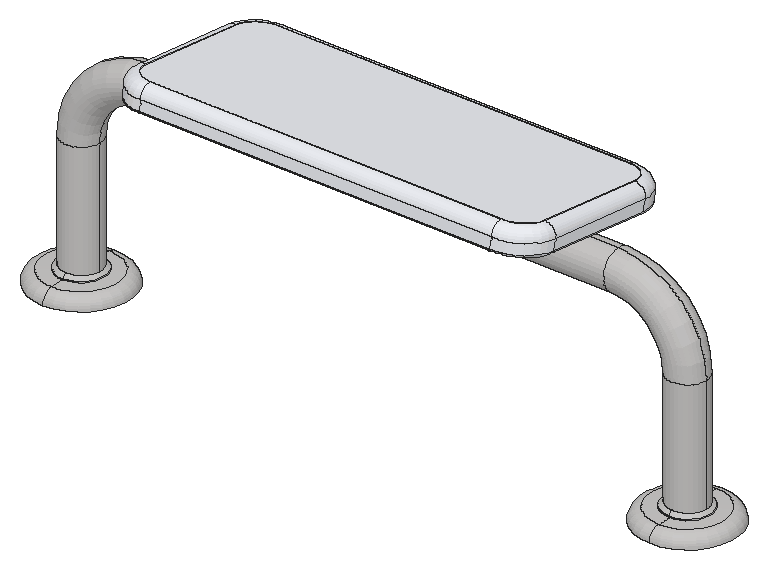
Revit family "CARE SUPPORT BACKREST CURVED ARM NZ GG", category Specialty Equipment, host Face, Revit 2020
Family settings
  Host = Face
  Round Connector Dimension = Use Radius
  Part Type = Normal
  OmniClass Number = 23.45.05.21.11.11
  OmniClass Title = Water Operated Water Closets
  Cut with Voids When Loaded = No
  Shared = No
  Room Calculation Point = No
Parameters (values of type "CARE SUPPORT BACKREST CURVED ARM NZ GG")
  URL = "https://www.caroma.com.au/"
  Model = "08221001SW"
  Material_Seat = GWA-Acrylic-White
  Material_Fixing = GWA_Metal-Stainless
  Material_Buttons = GWA_Metal-Chrome
  Material_Base = GWA-Porcelain-White
  Material_BackRest = GWA-Acrylic-White
  Manufacturer = "GWA Bathrooms & Kitchens"  # constant formula
  Description = "CARE SUPPORT BACKREST CURVED ARMS NZ (GERMGARD)"
  Default Elevation = 0.00 mm
  CreatedBy_ANZRS = "GWA Bathrooms & Kitchens"  # constant formula
  Assembly Code = "D2010110"
Reference planes
  plane 1 "Center (Front/Back)": y = 0
  plane 2: z = 0
  plane 3 "Center (Left/Right)": x = 0
Forms (mm)
  Sweep 1, solid, material "GWA-Acrylic-White" <- "Material_BackRest"
    path origin (0, 32.82, 267.296) x (0, -0.992546, 0.121869) y (1, 0, 0)
      loop
        arc (-733.43, -147.5) -> (-724.643, -168.713) -> (-703.43, -177.5) r 30
        line (-703.43, -177.5) -> (-608.43, -177.5)
        arc (-608.43, -177.5) -> (-587.217, -168.713) -> (-578.43, -147.5) r 30
        line (-578.43, -147.5) -> (-578.43, 147.5)
        arc (-578.43, 147.5) -> (-587.217, 168.713) -> (-608.43, 177.5) r 30
        line (-608.43, 177.5) -> (-703.43, 177.5)
        arc (-703.43, 177.5) -> (-724.643, 168.713) -> (-733.43, 147.496) r 30
        line (-733.43, 147.496) -> (-733.43, -147.5)
    profile origin (-0.002, 760.783, 177.913) x (0, 0.992546, -0.121869) y (0, 0.121869, 0.992546)
      loop
        arc (0, 10) -> (-2.929, 17.071) -> (-10, 20) r 10
        line (-10, 20) -> (-10, 0) -> (-1, 0)
        arc (-1, 0) -> (-0.293, 0.293) -> (0, 1) r 1
        line (0, 1) -> (0, 10)
  Extrusion 2, solid, material "GWA-Acrylic-White" <- "Material_BackRest"
    sketch origin (0, 32.82, 267.296) x (0, -0.992546, 0.121869) y (1, 0, 0)
      loop
        line (-588.43, -147.453) -> (-588.43, 147.547)
        arc (-588.43, 147.547) -> (-594.305, 161.659) -> (-608.43, 167.5) r 20
        line (-608.43, 167.5) -> (-703.43, 167.5)
        arc (-703.43, 167.5) -> (-717.572, 161.642) -> (-723.43, 147.5) r 20
        line (-723.43, 147.5) -> (-723.43, -147.5)
        arc (-723.43, -147.5) -> (-717.572, -161.642) -> (-703.43, -167.5) r 20
        line (-703.43, -167.5) -> (-608.43, -167.5)
        arc (-608.43, -167.5) -> (-594.271, -161.625) -> (-588.43, -147.453) r 20
    from 20 to 0
  Extrusion 3, solid, material "GWA_Metal-Stainless" <- "Material_Fixing"
    sketch origin (0, 32.82, 267.296) x (0, -0.992546, 0.121869) y (1, 0, 0)
      loop
        arc (-689.727, 68.119) -> (-689.27, 65.823) -> (-687.97, 63.876) r 6
        line (-687.97, 63.876) -> (-681.568, 57.474)
        arc (-681.568, 57.474) -> (-679.621, 56.173) -> (-677.325, 55.717) r 6
        line (-677.325, 55.717) -> (-667.727, 55.717)
        arc (-667.727, 55.717) -> (-665.606, 54.838) -> (-664.727, 52.717) r 3
        line (-664.727, 52.717) -> (-664.727, -52.783)
        arc (-664.727, -52.783) -> (-665.606, -54.905) -> (-667.727, -55.783) r 3
        line (-667.727, -55.783) -> (-677.325, -55.783)
        arc (-677.325, -55.783) -> (-679.621, -56.24) -> (-681.568, -57.541) r 6
        line (-681.568, -57.541) -> (-687.97, -63.943)
        arc (-687.97, -63.943) -> (-689.27, -65.889) -> (-689.727, -68.185) r 6
        line (-689.727, -68.185) -> (-689.727, -85) -> (-619.73, -85) -> (-619.73, -68.148)
        arc (-619.73, -68.148) -> (-620.188, -65.854) -> (-621.487, -63.909) r 6
        line (-621.487, -63.909) -> (-627.889, -57.507)
        arc (-627.889, -57.507) -> (-629.836, -56.207) -> (-632.132, -55.75) r 6
        line (-632.132, -55.75) -> (-641.73, -55.75)
        arc (-641.73, -55.75) -> (-643.851, -54.871) -> (-644.73, -52.75) r 3
        line (-644.73, -52.75) -> (-644.73, 52.75)
        arc (-644.73, 52.75) -> (-643.851, 54.871) -> (-641.73, 55.75) r 3
        line (-641.73, 55.75) -> (-632.132, 55.75)
        arc (-632.132, 55.75) -> (-629.836, 56.207) -> (-627.889, 57.507) r 6
        line (-627.889, 57.507) -> (-621.487, 63.909)
        arc (-621.487, 63.909) -> (-620.188, 65.854) -> (-619.73, 68.148) r 6
        line (-619.73, 68.148) -> (-619.73, 85) -> (-689.727, 85) -> (-689.727, 68.119)
      loop
        circle (-629.723, 70.667) r 4.1
      loop
        circle (-679.734, 70.633) r 4.1
      loop
        circle (-629.723, -70.667) r 4.1
      loop
        circle (-679.734, -70.7) r 4.1
    from 0 to -3
  Extrusion 4, solid, material "GWA_Metal-Stainless" <- "Material_Fixing"
    sketch origin (0, 0, 0) x (0, 1, 0) y (0, 0, 1)
      loop
        line (716.796, 178.276) -> (647.321, 186.807)
        arc (647.321, 186.807) -> (647.552, 183.694) -> (648.957, 180.907) r 8
        line (648.957, 180.907) -> (653.567, 175.007)
        arc (653.567, 175.007) -> (655.931, 172.969) -> (658.896, 171.992) r 8
        line (658.896, 171.992) -> (701.981, 166.702)
        arc (701.981, 166.702) -> (705.094, 166.933) -> (707.882, 168.338) r 8
        line (707.882, 168.338) -> (713.781, 172.947)
        arc (713.781, 172.947) -> (715.819, 175.312) -> (716.796, 178.276) r 8
    from -87 to -90
  Extrusion 5, solid, material "GWA_Metal-Stainless" <- "Material_Fixing"
    sketch origin (0, 651.04, -79.939) x (0, 0.121871, 0.992546) y (1, 0, 0)
      loop
        arc (266.304, -85) -> (265.718, -86.414) -> (264.304, -87) r 2
        line (264.304, -87) -> (264.304, -90)
        arc (264.304, -90) -> (267.84, -88.536) -> (269.304, -85) r 5
        line (269.304, -85) -> (266.304, -85)
    from 33.797 to -36.2
  Extrusion 6, solid, material "GWA_Metal-Stainless" <- "Material_Fixing"
    sketch origin (0, 0, 0) x (0, 1, 0) y (0, 0, -1)
      loop
        arc (716.796, -178.276) -> (715.819, -175.312) -> (713.781, -172.947) r 8
        line (713.781, -172.947) -> (707.882, -168.338)
        arc (707.882, -168.338) -> (705.094, -166.933) -> (701.981, -166.702) r 8
        line (701.981, -166.702) -> (658.896, -171.992)
        arc (658.896, -171.992) -> (655.931, -172.969) -> (653.567, -175.007) r 8
        line (653.567, -175.007) -> (648.957, -180.907)
        arc (648.957, -180.907) -> (647.552, -183.694) -> (647.321, -186.807) r 8
        line (647.321, -186.807) -> (716.796, -178.276)
    from -87 to -90
  Extrusion 7, solid, material "GWA_Metal-Stainless" <- "Material_Fixing"
    sketch origin (0, 651.04, -79.939) x (0, 0.121871, 0.992546) y (1, 0, 0)
      loop
        line (266.304, 85) -> (269.304, 85)
        arc (269.304, 85) -> (267.84, 88.536) -> (264.304, 90) r 5
        line (264.304, 90) -> (264.304, 87)
        arc (264.304, 87) -> (265.718, 86.414) -> (266.304, 85) r 2
    from 33.797 to -36.2
  Sweep 8, solid, material "GWA_Metal-Stainless" <- "Material_Fixing"
    path origin (0, 680, 0) x (0, 0, -1) y (1, 0, 0)
      loop
        line (0, 255) -> (-110.644, 255)
        arc (-110.644, 255) -> (-151.656, 238.012) -> (-168.644, 197) r 58
        line (-168.644, 197) -> (-168.644, -197)
        arc (-168.644, -197) -> (-151.656, -238.012) -> (-110.644, -255) r 58
        line (-110.644, -255) -> (0, -255)
    profile origin (0, 680, 168.644) x (0, 0, -1) y (0, -1, 0)
      loop
        circle (0, 0) r 16
  Revolve 9, solid, material "GWA_Metal-Stainless" <- "Material_Fixing"
    sketch origin (255, 0, 0) x (0, 0, -1) y (0, -1, 0)
      loop
        arc (-9.923, -649.349) -> (-10.672, -664.666) -> (-10.922, -680) r 470.71
        line (-10.922, -680) -> (0.056, -680) -> (0.056, -640)
        arc (0.056, -640) -> (-6.781, -642.702) -> (-9.923, -649.349) r 10
      axis (-10.922, -680) -> (0.056, -680)
    angle from 0 to 360
  Revolve 10, solid, material "GWA_Metal-Stainless" <- "Material_Fixing"
    sketch origin (255, 0, 0) x (0, 0, -1) y (0, -1, 0)
      loop
        line (-11.294, -699.5) -> (-10.494, -699.5) -> (-10.494, -696) -> (-14.231, -696) -> (-11.294, -699.5)
      axis (-14.231, -680) -> (-10.494, -680)
    angle from 0 to 360
  Revolve 11, solid, material "GWA_Metal-Stainless" <- "Material_Fixing"
    sketch origin (-255, 0, 0) x (0, 0, -1) y (0, 1, 0)
      loop
        arc (-9.923, 649.349) -> (-6.781, 642.702) -> (0.056, 640) r 10
        line (0.056, 640) -> (0.056, 680) -> (-10.922, 680)
        arc (-10.922, 680) -> (-10.672, 664.666) -> (-9.923, 649.349) r 470.71
      axis (-10.922, 680) -> (0.056, 680)
    angle from 0 to 360
  Revolve 12, solid, material "GWA_Metal-Stainless" <- "Material_Fixing"
    sketch origin (-255, 0, 0) x (0, 0, -1) y (0, 1, 0)
      loop
        line (-11.294, 699.5) -> (-14.231, 696) -> (-10.494, 696) -> (-10.494, 699.5) -> (-11.294, 699.5)
      axis (-14.231, 680) -> (-10.494, 680)
    angle from 0 to 360
Lines and regions (mm)
  Masking region 1
    outline origin (-1720, 440.05, 0) x (0, 0, -1) y (1, 0, 0)
      loop
        line (-185, 1901.833) -> (-202.634, 1901.833)
        arc (-202.634, 1901.833) -> (-209.594, 1899.401) -> (-213.525, 1893.164) r 11.175
        arc (-213.525, 1893.164) -> (-214.998, 1884.561) -> (-215.491, 1875.846) r 77.235
        line (-215.491, 1875.846) -> (-215.491, 1564.154)
        arc (-215.491, 1564.154) -> (-214.998, 1555.439) -> (-213.525, 1546.836) r 77.235
        arc (-213.525, 1546.836) -> (-209.594, 1540.599) -> (-202.634, 1538.167) r 11.175
        line (-202.634, 1538.167) -> (-185, 1538.167) -> (-185, 1523)
        arc (-185, 1523) -> (-163.326, 1470.674) -> (-111, 1449) r 74
        line (-111, 1449) -> (-14.427, 1449) -> (-11.246, 1445.209)
        arc (-11.246, 1445.209) -> (-10.957, 1437.928) -> (-10.579, 1430.652) r 591.768
        arc (-10.579, 1430.652) -> (-8.707, 1426.636) -> (-4.589, 1425) r 6
        line (-4.589, 1425) -> (0, 1425) -> (0, 1505) -> (-4.589, 1505)
        arc (-4.589, 1505) -> (-8.707, 1503.364) -> (-10.579, 1499.348) r 6
        arc (-10.579, 1499.348) -> (-10.957, 1492.072) -> (-11.246, 1484.791) r 591.768
        line (-11.246, 1484.791) -> (-14.427, 1481) -> (-111, 1481)
        arc (-111, 1481) -> (-140.698, 1493.302) -> (-153, 1523) r 42
        line (-153, 1523) -> (-153, 1917)
        arc (-153, 1917) -> (-140.698, 1946.698) -> (-111, 1959) r 42
        line (-111, 1959) -> (-14.427, 1959) -> (-11.246, 1955.209)
        arc (-11.246, 1955.209) -> (-10.957, 1947.928) -> (-10.579, 1940.652) r 591.768
        arc (-10.579, 1940.652) -> (-8.707, 1936.636) -> (-4.589, 1935) r 6
        line (-4.589, 1935) -> (0, 1935) -> (0, 2015) -> (-4.589, 2015)
        arc (-4.589, 2015) -> (-8.707, 2013.364) -> (-10.579, 2009.348) r 6
        arc (-10.579, 2009.348) -> (-10.957, 2002.072) -> (-11.246, 1994.791) r 591.768
        line (-11.246, 1994.791) -> (-14.427, 1991) -> (-111, 1991)
        arc (-111, 1991) -> (-163.326, 1969.326) -> (-185, 1917) r 74
        line (-185, 1917) -> (-185, 1901.833)
  Masking region 2
    outline origin (-3720, 241.095, 305) x (0, -1, 0) y (1, 0, 0)
      loop
        arc (-520.962, 3572.5) -> (-512.176, 3551.287) -> (-490.962, 3542.5) r 30
        line (-490.962, 3542.5) -> (-455.275, 3542.5) -> (-455.275, 3501.661)
        arc (-455.275, 3501.661) -> (-439.275, 3425) -> (-423.275, 3501.661) r 40
        line (-423.275, 3501.661) -> (-423.275, 3542.5) -> (-395.959, 3542.5)
        arc (-395.959, 3542.5) -> (-374.746, 3551.287) -> (-365.959, 3572.5) r 30
        line (-365.959, 3572.5) -> (-365.959, 3867.5)
        arc (-365.959, 3867.5) -> (-374.746, 3888.713) -> (-395.959, 3897.5) r 30
        line (-395.959, 3897.5) -> (-423.275, 3897.5) -> (-423.275, 3938.339)
        arc (-423.275, 3938.339) -> (-439.275, 4015) -> (-455.275, 3938.339) r 40
        line (-455.275, 3938.339) -> (-455.275, 3897.5) -> (-490.962, 3897.5)
        arc (-490.962, 3897.5) -> (-512.176, 3888.713) -> (-520.962, 3867.5) r 30
        line (-520.962, 3867.5) -> (-520.962, 3572.5)
  Masking region 3
    outline origin (0, 0, 0) x (0, 1, 0) y (0, 0, 1)
      loop
        arc (619.286, 215.414) -> (611.903, 213.36) -> (608.142, 206.684) r 10
        line (608.142, 206.684) -> (606.947, 196.776) -> (647.945, 191.753) -> (647.427, 187.524)
        arc (647.427, 187.524) -> (647.688, 184.024) -> (649.268, 180.889) r 9
        line (649.268, 180.889) -> (653.393, 175.609)
        arc (653.393, 175.609) -> (656.055, 173.316) -> (659.391, 172.217) r 9
        line (659.391, 172.217) -> (664.58, 171.581)
        arc (664.58, 171.581) -> (664.423, 170.295) -> (664.371, 169) r 16
        line (664.371, 169) -> (664.371, 14.427) -> (660.58, 11.246)
        arc (660.58, 11.246) -> (653.299, 10.957) -> (646.022, 10.579) r 591.768
        arc (646.022, 10.579) -> (642.007, 8.707) -> (640.371, 4.589) r 6
        line (640.371, 4.589) -> (640.371, 0) -> (720.371, 0) -> (720.371, 4.589)
        arc (720.371, 4.589) -> (718.735, 8.707) -> (714.719, 10.579) r 6
        arc (714.719, 10.579) -> (707.442, 10.957) -> (700.162, 11.246) r 591.768
        line (700.162, 11.246) -> (696.371, 14.427) -> (696.371, 167.686) -> (701.61, 167.045)
        arc (701.61, 167.045) -> (705.111, 167.306) -> (708.245, 168.886) r 9
        line (708.245, 168.886) -> (713.513, 173.002)
        arc (713.513, 173.002) -> (715.806, 175.663) -> (716.906, 179) r 9
        line (716.906, 179) -> (717.425, 183.242) -> (760.798, 177.929) -> (761.996, 187.876)
        arc (761.996, 187.876) -> (759.941, 195.239) -> (753.284, 198.999) r 10
        line (753.284, 198.999) -> (619.286, 215.414)
  symbolic lines
    curve 1: line (-155.846, 440.05, 215.491) -> (155.846, 440.05, 215.491)
    curve 2: arc (155.846, 440.05, 215.491) -> (164.561, 440.05, 214.998) -> (173.164, 440.05, 213.525) r 77.235
    curve 3: arc (173.164, 440.05, 213.525) -> (179.401, 440.05, 209.594) -> (181.833, 440.05, 202.634) r 11.175
    curve 4: line (181.833, 440.05, 202.634) -> (181.833, 440.05, 182.822)
    curve 5: arc (181.833, 440.05, 182.822) -> (181.524, 440.05, 181.735) -> (180.687, 440.05, 180.975) r 2.062
    curve 6: arc (180.687, 440.05, 180.975) -> (178.744, 440.05, 180.189) -> (176.704, 440.05, 179.709) r 13.737
    curve 7: arc (176.704, 440.05, 179.709) -> (165.924, 440.05, 178.45) -> (155.079, 440.05, 178.029) r 140.083
    curve 8: line (155.079, 440.05, 178.029) -> (-155.079, 440.05, 178.029)
    curve 9: arc (-155.079, 440.05, 178.029) -> (-165.924, 440.05, 178.45) -> (-176.704, 440.05, 179.709) r 140.083
    curve 10: arc (-176.704, 440.05, 179.709) -> (-178.744, 440.05, 180.189) -> (-180.687, 440.05, 180.975) r 13.737
    curve 11: arc (-180.687, 440.05, 180.975) -> (-181.524, 440.05, 181.735) -> (-181.833, 440.05, 182.822) r 2.062
    curve 12: line (-181.833, 440.05, 182.822) -> (-181.833, 440.05, 202.634)
    curve 13: arc (-181.833, 440.05, 202.634) -> (-179.401, 440.05, 209.594) -> (-173.164, 440.05, 213.525) r 11.175
    curve 14: arc (-173.164, 440.05, 213.525) -> (-164.561, 440.05, 214.998) -> (-155.846, 440.05, 215.491) r 77.235
    curve 15: arc (181.833, 440.05, 195.151) -> (181.496, 440.05, 193.551) -> (180.542, 440.05, 192.224) r 3.963
    curve 16: arc (180.542, 440.05, 192.224) -> (177.959, 440.05, 190.482) -> (174.984, 440.05, 189.561) r 10.665
    curve 17: arc (174.984, 440.05, 189.561) -> (165.061, 440.05, 188.413) -> (155.079, 440.05, 188.029) r 130.083
    curve 18: line (155.079, 440.05, 188.029) -> (-155.079, 440.05, 188.029)
    curve 19: arc (-155.079, 440.05, 188.029) -> (-165.061, 440.05, 188.413) -> (-174.984, 440.05, 189.561) r 130.083
    curve 20: arc (-174.984, 440.05, 189.561) -> (-177.959, 440.05, 190.482) -> (-180.542, 440.05, 192.224) r 10.665
    curve 21: arc (-180.542, 440.05, 192.224) -> (-181.496, 440.05, 193.551) -> (-181.833, 440.05, 195.151) r 3.963
    curve 22: line (-181.833, 440.05, 185) -> (-197, 440.05, 185)
    curve 23: arc (-197, 440.05, 185) -> (-249.326, 440.05, 163.326) -> (-271, 440.05, 111) r 74
    curve 24: line (-271, 440.05, 111) -> (-271, 440.05, 14.427)
    curve 25: line (-271, 440.05, 14.427) -> (-274.791, 440.05, 11.246)
    curve 26: line (235.209, 440.05, 11.246) -> (239, 440.05, 14.427)
    curve 27: line (239, 440.05, 14.427) -> (239, 440.05, 111)
    curve 28: arc (239, 440.05, 111) -> (226.698, 440.05, 140.698) -> (197, 440.05, 153) r 42
    curve 29: line (197, 440.05, 153) -> (-197, 440.05, 153)
    curve 30: arc (-197, 440.05, 153) -> (-226.698, 440.05, 140.698) -> (-239, 440.05, 111) r 42
    curve 31: line (-239, 440.05, 111) -> (-239, 440.05, 14.427)
    curve 32: line (-239, 440.05, 14.427) -> (-235.209, 440.05, 11.246)
    curve 33: line (181.833, 440.05, 185) -> (197, 440.05, 185)
    curve 34: arc (197, 440.05, 185) -> (249.326, 440.05, 163.326) -> (271, 440.05, 111) r 74
    curve 35: line (271, 440.05, 111) -> (271, 440.05, 14.427)
    curve 36: line (271, 440.05, 14.427) -> (274.791, 440.05, 11.246)
    curve 37: arc (215, 440.05, 4.589) -> (216.636, 440.05, 8.707) -> (220.652, 440.05, 10.579) r 6
    curve 38: arc (220.652, 440.05, 10.579) -> (255, 440.05, 11.577) -> (289.348, 440.05, 10.579) r 591.768
    curve 39: arc (289.348, 440.05, 10.579) -> (293.364, 440.05, 8.707) -> (295, 440.05, 4.589) r 6
    curve 40: line (295, 440.05, 4.589) -> (295, 440.05, 0)
    curve 41: line (295, 440.05, 0) -> (215, 440.05, 0)
    curve 42: line (215, 440.05, 0) -> (215, 440.05, 4.589)
    curve 43: arc (-215, 440.05, 4.589) -> (-216.636, 440.05, 8.707) -> (-220.652, 440.05, 10.579) r 6
    curve 44: arc (-220.652, 440.05, 10.579) -> (-255, 440.05, 11.577) -> (-289.348, 440.05, 10.579) r 591.768
    curve 45: arc (-289.348, 440.05, 10.579) -> (-293.364, 440.05, 8.707) -> (-295, 440.05, 4.589) r 6
    curve 46: line (-295, 440.05, 4.589) -> (-295, 440.05, 0)
    curve 47: line (-295, 440.05, 0) -> (-215, 440.05, 0)
    curve 48: line (-215, 440.05, 0) -> (-215, 440.05, 4.589)
    curve 49: line (-271, 440.05, 14.427) -> (-239, 440.05, 14.427)
    curve 50: line (271, 440.05, 14.427) -> (239, 440.05, 14.427)
    curve 51: line (0, 619.286, 215.414) -> (0, 753.284, 198.999)
    curve 52: arc (0, 753.284, 198.999) -> (0, 759.941, 195.239) -> (0, 761.996, 187.876) r 10
    curve 53: line (0, 761.996, 187.876) -> (0, 760.798, 177.929)
    curve 54: line (0, 760.798, 177.929) -> (0, 606.947, 196.776)
    curve 55: line (0, 606.947, 196.776) -> (0, 608.142, 206.684)
    curve 56: arc (0, 608.142, 206.684) -> (0, 611.903, 213.36) -> (0, 619.286, 215.414) r 10
    curve 57: arc (0, 714.719, 10.579) -> (0, 680.371, 11.577) -> (0, 646.022, 10.579) r 591.768
    curve 58: arc (0, 646.022, 10.579) -> (0, 642.007, 8.707) -> (0, 640.371, 4.589) r 6
    curve 59: line (0, 640.371, 4.589) -> (0, 640.371, 0)
    curve 60: line (0, 640.371, 0) -> (0, 720.371, 0)
    curve 61: line (0, 720.371, 0) -> (0, 720.371, 4.589)
    curve 62: arc (0, 720.371, 4.589) -> (0, 718.735, 8.707) -> (0, 714.719, 10.579) r 6
    curve 63: line (0, 660.58, 11.246) -> (0, 664.371, 14.427)
    curve 64: line (0, 664.371, 14.427) -> (0, 664.371, 169)
    curve 65: arc (0, 664.371, 169) -> (0, 680.371, 185) -> (0, 696.371, 169) r 16
    curve 66: line (0, 696.371, 169) -> (0, 696.371, 14.427)
    curve 67: line (0, 696.371, 14.427) -> (0, 700.162, 11.246)
    curve 68: line (0, 664.371, 14.427) -> (0, 696.371, 14.427)
    curve 69: line (0, 647.945, 191.753) -> (0, 647.427, 187.524)
    curve 70: arc (0, 647.427, 187.524) -> (0, 647.688, 184.024) -> (0, 649.268, 180.889) r 9
    curve 71: line (0, 649.268, 180.889) -> (0, 653.393, 175.609)
    curve 72: arc (0, 653.393, 175.609) -> (0, 656.055, 173.316) -> (0, 659.391, 172.217) r 9
    curve 73: line (0, 659.391, 172.217) -> (0, 664.58, 171.581)
    curve 74: line (0, 696.371, 167.686) -> (0, 701.61, 167.045)
    curve 75: arc (0, 701.61, 167.045) -> (0, 705.111, 167.306) -> (0, 708.245, 168.886) r 9
    curve 76: line (0, 708.245, 168.886) -> (0, 713.513, 173.002)
    curve 77: arc (0, 713.513, 173.002) -> (0, 715.806, 175.663) -> (0, 716.906, 179) r 9
    curve 78: line (0, 716.906, 179) -> (0, 717.425, 183.242)
    curve 79: line (-147.5, 762.058, 305) -> (147.5, 762.058, 305)
    curve 80: arc (147.5, 762.058, 305) -> (168.713, 753.271, 305) -> (177.5, 732.058, 305) r 30
    curve 81: line (177.5, 732.058, 305) -> (177.5, 637.055, 305)
    curve 82: arc (177.5, 637.055, 305) -> (168.713, 615.841, 305) -> (147.5, 607.055, 305) r 30
    curve 83: line (147.5, 607.055, 305) -> (-147.5, 607.055, 305)
    curve 84: arc (-147.5, 607.055, 305) -> (-168.713, 615.841, 305) -> (-177.5, 637.055, 305) r 30
    curve 85: line (-177.5, 637.055, 305) -> (-177.5, 732.058, 305)
    curve 86: arc (-177.5, 732.058, 305) -> (-168.713, 753.271, 305) -> (-147.5, 762.058, 305) r 30
    curve 87: line (-177.5, 696.371, 305) -> (-255, 696.371, 305)
    curve 88: arc (-255, 696.371, 305) -> (-271, 680.371, 305) -> (-255, 664.371, 305) r 16
    curve 89: line (-255, 664.371, 305) -> (-177.5, 664.371, 305)
    curve 90: arc (-218.339, 664.371, 305) -> (-295, 680.371, 305) -> (-218.339, 696.371, 305) r 40
    curve 91: arc (-243.853, 664.371, 305) -> (-274.5, 680.371, 305) -> (-243.853, 696.371, 305) r 19.5
    curve 92: line (177.5, 696.371, 305) -> (255, 696.371, 305)
    curve 93: arc (255, 696.371, 305) -> (271, 680.371, 305) -> (255, 664.371, 305) r 16
    curve 94: line (255, 664.371, 305) -> (177.5, 664.371, 305)
    curve 95: arc (218.339, 664.371, 305) -> (295, 680.371, 305) -> (218.339, 696.371, 305) r 40
    curve 96: arc (243.853, 664.371, 305) -> (274.5, 680.371, 305) -> (243.853, 696.371, 305) r 19.5
Dimensions and locks
  aligned and locked: plane 2 to host face
  aligned and locked: level to host face
